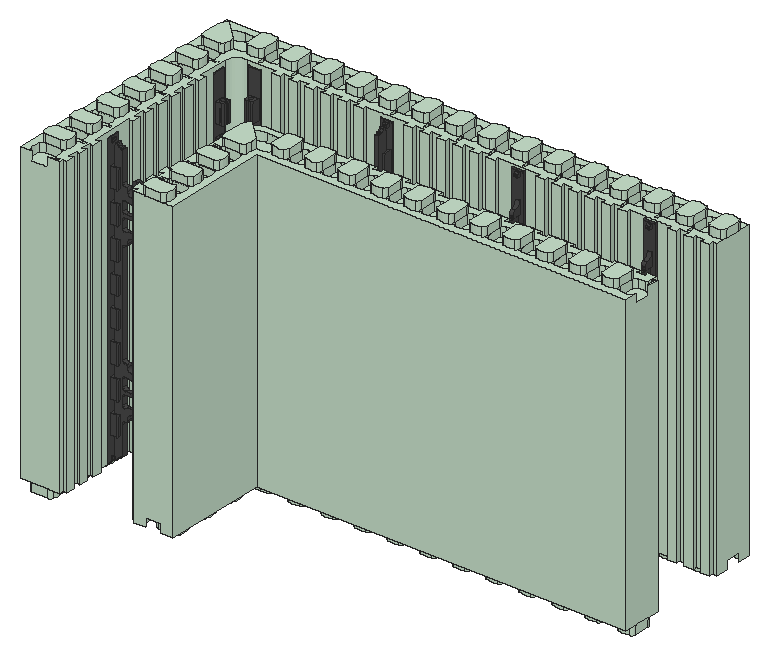
Revit family "ICF- NUDURA 4-inch- 90 Degree Form Unit- Imperial", category Generic Models, Revit 2011
Reference planes (in)
  plane 1 "Center (Front/Back)": y = 0
  plane 2: z = 0
  plane 3 "Center (Left/Right)": x = 0
  plane 4: y = -2
  plane 5: y = 2
  plane 6: x = 2
  plane 7: x = -2
  plane 8: z = 18
  plane 9: y = 4.625
  plane 10: x = 4.625
  plane 11: x = -4.625
  plane 12: y = -11
  plane 13: x = 27
  plane 14: y = -4.625
Forms (in)
  Extrusion 1, solid, material "NUDURA Expanded Polystyrene Foam Insulation"
    sketch origin (0, 0, 0) x (1, 0, 0) y (0, 1, 0)
      loop
        line (-4.625, 4.625) -> (-4.625, -11) -> (-2.25, -11) -> (-2.25, -10.71883) -> (-2, -10.78117) -> (-2, -10.21883) -> (-2.25, -10.28117) -> (-2.25, -9.71883) -> (-2, -9.78117) -> (-2, -9.21883) -> (-2.25, -9.28117) -> (-2.25, -8.71883) -> (-2, -8.78117) -> (-2, -8.21883) -> (-2.25, -8.28117) -> (-2.25, -5.71883) -> (-2, -5.78117) -> (-2, -5.21883) -> (-2.25, -5.28117) -> (-2.25, -4.71883) -> (-2, -4.78117) -> (-2, -4.21883) -> (-2.25, -4.28117) -> (-2.25, -3.71883) -> (-2, -3.78117) -> (-2, -3.21883) -> (-2.25, -3.28117) -> (-2.25, -2.71883) -> (-2, -2.78117) -> (-2, -2.21883) -> (-2.25, -2.28117) -> (-2.25, -1.71883) -> (-2, -1.78117) -> (-2, -1.21883) -> (-2.25, -1.28117) -> (-2.25, -0.71883) -> (-2, -0.78117) -> (-2, -0.21883) -> (-2.25, -0.28117) -> (-2.25, 1.51944)
        arc (-2.25, 1.51944) -> (-2.02357, 2.03725) -> (-1.5, 2.25) r 0.75
        line (-1.5, 2.25) -> (0.28117, 2.25) -> (0.21883, 2) -> (0.78117, 2) -> (0.71883, 2.25) -> (1.28117, 2.25) -> (1.21883, 2) -> (1.78117, 2) -> (1.71883, 2.25) -> (2.28117, 2.25) -> (2.21883, 2) -> (2.78117, 2) -> (2.71883, 2.25) -> (3.28117, 2.25) -> (3.21883, 2) -> (3.78117, 2) -> (3.71883, 2.25) -> (4.28117, 2.25) -> (4.21883, 2) -> (4.78117, 2) -> (4.71883, 2.25) -> (5.28117, 2.25) -> (5.21883, 2) -> (5.78117, 2) -> (5.71883, 2.25) -> (8.28117, 2.25) -> (8.21883, 2) -> (8.78117, 2) -> (8.71883, 2.25) -> (9.28117, 2.25) -> (9.21883, 2) -> (9.78117, 2) -> (9.71883, 2.25) -> (10.28117, 2.25) -> (10.21883, 2) -> (10.78117, 2) -> (10.71883, 2.25) -> (11.28117, 2.25) -> (11.21883, 2) -> (11.78117, 2) -> (11.71883, 2.25) -> (12.28117, 2.25) -> (12.21883, 2) -> (12.78117, 2) -> (12.71883, 2.25) -> (13.28117, 2.25) -> (13.21883, 2) -> (13.78117, 2) -> (13.71883, 2.25) -> (16.28117, 2.25) -> (16.21883, 2) -> (16.78117, 2) -> (16.71883, 2.25) -> (17.28117, 2.25) -> (17.21883, 2) -> (17.78117, 2) -> (17.71883, 2.25) -> (18.28117, 2.25) -> (18.21883, 2) -> (18.78117, 2) -> (18.71883, 2.25) -> (19.28117, 2.25) -> (19.21883, 2) -> (19.78117, 2) -> (19.71883, 2.25) -> (20.28117, 2.25) -> (20.21883, 2) -> (20.78117, 2) -> (20.71883, 2.25) -> (21.28117, 2.25) -> (21.21883, 2) -> (21.78117, 2) -> (21.71883, 2.25) -> (24.28117, 2.25) -> (24.21883, 2) -> (24.78117, 2) -> (24.71883, 2.25) -> (25.28117, 2.25) -> (25.21883, 2) -> (25.78117, 2) -> (25.71883, 2.25) -> (26.28117, 2.25) -> (26.21883, 2) -> (26.78117, 2) -> (26.71883, 2.25) -> (27, 2.25) -> (27, 4.625) -> (-4.625, 4.625)
      loop
        line (4.625, -4.625) -> (27, -4.625) -> (27, -2.25) -> (26.71883, -2.25) -> (26.78117, -2) -> (26.21883, -2) -> (26.28117, -2.25) -> (25.71883, -2.25) -> (25.78117, -2) -> (25.21883, -2) -> (25.28117, -2.25) -> (24.71883, -2.25) -> (24.78117, -2) -> (24.21883, -2) -> (24.28117, -2.25) -> (21.71883, -2.25) -> (21.78117, -2) -> (21.21883, -2) -> (21.28117, -2.25) -> (20.71883, -2.25) -> (20.78117, -2) -> (20.21883, -2) -> (20.28117, -2.25) -> (19.71883, -2.25) -> (19.78117, -2) -> (19.21883, -2) -> (19.28117, -2.25) -> (18.71883, -2.25) -> (18.78117, -2) -> (18.21883, -2) -> (18.28117, -2.25) -> (17.71883, -2.25) -> (17.78117, -2) -> (17.21883, -2) -> (17.28117, -2.25) -> (16.71883, -2.25) -> (16.78117, -2) -> (16.21883, -2) -> (16.28117, -2.25) -> (13.71883, -2.25) -> (13.78117, -2) -> (13.21883, -2) -> (13.28117, -2.25) -> (12.71883, -2.25) -> (12.78117, -2) -> (12.21883, -2) -> (12.28117, -2.25) -> (11.71883, -2.25) -> (11.78117, -2) -> (11.21883, -2) -> (11.28117, -2.25) -> (10.71883, -2.25) -> (10.78117, -2) -> (10.21883, -2) -> (10.28117, -2.25) -> (9.71883, -2.25) -> (9.78117, -2) -> (9.21883, -2) -> (9.28117, -2.25) -> (8.71883, -2.25) -> (8.78117, -2) -> (8.21883, -2) -> (8.28117, -2.25) -> (3.5, -2.25)
        arc (3.5, -2.25) -> (2.61612, -2.61612) -> (2.25, -3.5) r 1.25
        line (2.25, -3.5) -> (2.25, -8.28117) -> (2, -8.21883) -> (2, -8.78117) -> (2.25, -8.71883) -> (2.25, -9.28117) -> (2, -9.21883) -> (2, -9.78117) -> (2.25, -9.71883) -> (2.25, -10.28117) -> (2, -10.21883) -> (2, -10.78117) -> (2.25, -10.71883) -> (2.25, -11) -> (4.625, -11) -> (4.625, -4.625)
    from 0 to 18
  Extrusion 2, solid, material "NUDURA Expanded Polystyrene Foam Insulation"
    sketch origin (-1, 1, 0) x (1, 0, 0) y (0, 1, 0)
      loop
        arc (3.6875, -5.5) -> (3.70047, -5.66548) -> (3.73905, -5.82692) r 1.0625
        arc (3.73905, -5.82692) -> (3.82983, -5.95215) -> (3.97692, -6) r 0.25
        line (3.97692, -6) -> (4.89808, -6)
        arc (4.89808, -6) -> (5.04517, -5.95215) -> (5.13595, -5.82692) r 0.25
        arc (5.13595, -5.82692) -> (5.17453, -5.66548) -> (5.1875, -5.5) r 1.0625
        line (5.1875, -5.5) -> (5.1875, -5.1875) -> (3.98039, -3.98039)
        arc (3.98039, -3.98039) -> (3.76362, -4.30482) -> (3.6875, -4.6875) r 1
        line (3.6875, -4.6875) -> (3.6875, -5.5)
    from 18 to 18.5
  Extrusion 3, solid, material "NUDURA Expanded Polystyrene Foam Insulation"
    sketch origin (1, -1, 0) x (1, 0, 0) y (0, 1, 0)
      loop
        arc (-3.97692, 3) -> (-3.82983, 3.04785) -> (-3.73905, 3.17308) r 0.25
        arc (-3.73905, 3.17308) -> (-3.70047, 3.33452) -> (-3.6875, 3.5) r 1.0625
        line (-3.6875, 3.5) -> (-3.6875, 3.6875) -> (-4.89461, 4.89461)
        arc (-4.89461, 4.89461) -> (-5.11138, 4.57018) -> (-5.1875, 4.1875) r 1
        line (-5.1875, 4.1875) -> (-5.1875, 3.5)
        arc (-5.1875, 3.5) -> (-5.17453, 3.33452) -> (-5.13595, 3.17308) r 1.0625
        arc (-5.13595, 3.17308) -> (-5.04517, 3.04785) -> (-4.89808, 3) r 0.25
        line (-4.89808, 3) -> (-3.97692, 3)
    from 18 to 18.5
  Extrusion 4, void
    sketch origin (1, -1, 0) x (1, 0, 0) y (0, 1, 0)
      loop
        arc (-5.13595, -9.82692) -> (-5.04517, -9.95215) -> (-4.89808, -10) r 0.25
        line (-4.89808, -10) -> (-3.97692, -10)
        arc (-3.97692, -10) -> (-3.88568, -9.98276) -> (-3.80702, -9.9334) r 0.25
        arc (-3.80702, -9.9334) -> (-3.78736, -9.92106) -> (-3.76455, -9.91675) r 0.0625
        line (-3.76455, -9.91675) -> (-3.41845, -9.91675) -> (-3.41845, -9.74592) -> (-3.64005, -9.74592)
        arc (-3.64005, -9.74592) -> (-3.68771, -9.72385) -> (-3.70172, -9.67323) r 0.0625
        arc (-3.70172, -9.67323) -> (-3.69045, -9.42092) -> (-3.73905, -9.17308) r 1.0625
        arc (-3.73905, -9.17308) -> (-3.82983, -9.04785) -> (-3.97692, -9) r 0.25
        line (-3.97692, -9) -> (-4.89808, -9)
        arc (-4.89808, -9) -> (-5.04517, -9.04785) -> (-5.13595, -9.17308) r 0.25
        arc (-5.13595, -9.17308) -> (-5.1875, -9.5) -> (-5.13595, -9.82692) r 1.0625
    from 18 to 17.5
  Extrusion 5, void
    sketch origin (1, 1, 0) x (1, 0, 0) y (0, 1, 0)
      loop
        arc (-5.13595, -9.82692) -> (-5.04517, -9.95215) -> (-4.89808, -10) r 0.25
        line (-4.89808, -10) -> (-3.97692, -10)
        arc (-3.97692, -10) -> (-3.88568, -9.98276) -> (-3.80702, -9.9334) r 0.25
        arc (-3.80702, -9.9334) -> (-3.78736, -9.92106) -> (-3.76455, -9.91675) r 0.0625
        line (-3.76455, -9.91675) -> (-3.41845, -9.91675) -> (-3.41845, -9.74592) -> (-3.64005, -9.74592)
        arc (-3.64005, -9.74592) -> (-3.68771, -9.72385) -> (-3.70172, -9.67323) r 0.0625
        arc (-3.70172, -9.67323) -> (-3.69045, -9.42092) -> (-3.73905, -9.17308) r 1.0625
        arc (-3.73905, -9.17308) -> (-3.82983, -9.04785) -> (-3.97692, -9) r 0.25
        line (-3.97692, -9) -> (-4.89808, -9)
        arc (-4.89808, -9) -> (-5.04517, -9.04785) -> (-5.13595, -9.17308) r 0.25
        arc (-5.13595, -9.17308) -> (-5.1875, -9.5) -> (-5.13595, -9.82692) r 1.0625
    from 18 to 17.5
  Extrusion 6, void
    sketch origin (1, 3, 0) x (1, 0, 0) y (0, 1, 0)
      loop
        arc (-5.13595, -9.82692) -> (-5.04517, -9.95215) -> (-4.89808, -10) r 0.25
        line (-4.89808, -10) -> (-3.97692, -10)
        arc (-3.97692, -10) -> (-3.88568, -9.98276) -> (-3.80702, -9.9334) r 0.25
        arc (-3.80702, -9.9334) -> (-3.78736, -9.92106) -> (-3.76455, -9.91675) r 0.0625
        line (-3.76455, -9.91675) -> (-3.41845, -9.91675) -> (-3.41845, -9.74592) -> (-3.64005, -9.74592)
        arc (-3.64005, -9.74592) -> (-3.68771, -9.72385) -> (-3.70172, -9.67323) r 0.0625
        arc (-3.70172, -9.67323) -> (-3.69045, -9.42092) -> (-3.73905, -9.17308) r 1.0625
        arc (-3.73905, -9.17308) -> (-3.82983, -9.04785) -> (-3.97692, -9) r 0.25
        line (-3.97692, -9) -> (-4.89808, -9)
        arc (-4.89808, -9) -> (-5.04517, -9.04785) -> (-5.13595, -9.17308) r 0.25
        arc (-5.13595, -9.17308) -> (-5.1875, -9.5) -> (-5.13595, -9.82692) r 1.0625
    from 18 to 17.5
  Extrusion 7, void
    sketch origin (1, 5, 0) x (1, 0, 0) y (0, 1, 0)
      loop
        arc (-5.13595, -9.82692) -> (-5.04517, -9.95215) -> (-4.89808, -10) r 0.25
        line (-4.89808, -10) -> (-3.97692, -10)
        arc (-3.97692, -10) -> (-3.88568, -9.98276) -> (-3.80702, -9.9334) r 0.25
        arc (-3.80702, -9.9334) -> (-3.78736, -9.92106) -> (-3.76455, -9.91675) r 0.0625
        line (-3.76455, -9.91675) -> (-3.41845, -9.91675) -> (-3.41845, -9.74592) -> (-3.64005, -9.74592)
        arc (-3.64005, -9.74592) -> (-3.68771, -9.72385) -> (-3.70172, -9.67323) r 0.0625
        arc (-3.70172, -9.67323) -> (-3.69045, -9.42092) -> (-3.73905, -9.17308) r 1.0625
        arc (-3.73905, -9.17308) -> (-3.82983, -9.04785) -> (-3.97692, -9) r 0.25
        line (-3.97692, -9) -> (-4.89808, -9)
        arc (-4.89808, -9) -> (-5.04517, -9.04785) -> (-5.13595, -9.17308) r 0.25
        arc (-5.13595, -9.17308) -> (-5.1875, -9.5) -> (-5.13595, -9.82692) r 1.0625
    from 18 to 17.5
  Extrusion 8, void
    sketch origin (1, 7, 0) x (1, 0, 0) y (0, 1, 0)
      loop
        arc (-5.13595, -9.82692) -> (-5.04517, -9.95215) -> (-4.89808, -10) r 0.25
        line (-4.89808, -10) -> (-3.97692, -10)
        arc (-3.97692, -10) -> (-3.88568, -9.98276) -> (-3.80702, -9.9334) r 0.25
        arc (-3.80702, -9.9334) -> (-3.78736, -9.92106) -> (-3.76455, -9.91675) r 0.0625
        line (-3.76455, -9.91675) -> (-3.41845, -9.91675) -> (-3.41845, -9.74592) -> (-3.64005, -9.74592)
        arc (-3.64005, -9.74592) -> (-3.68771, -9.72385) -> (-3.70172, -9.67323) r 0.0625
        arc (-3.70172, -9.67323) -> (-3.69045, -9.42092) -> (-3.73905, -9.17308) r 1.0625
        arc (-3.73905, -9.17308) -> (-3.82983, -9.04785) -> (-3.97692, -9) r 0.25
        line (-3.97692, -9) -> (-4.89808, -9)
        arc (-4.89808, -9) -> (-5.04517, -9.04785) -> (-5.13595, -9.17308) r 0.25
        arc (-5.13595, -9.17308) -> (-5.1875, -9.5) -> (-5.13595, -9.82692) r 1.0625
    from 18 to 17.5
  Extrusion 9, void
    sketch origin (1, 9, 0) x (1, 0, 0) y (0, 1, 0)
      loop
        arc (-5.13595, -9.82692) -> (-5.04517, -9.95215) -> (-4.89808, -10) r 0.25
        line (-4.89808, -10) -> (-3.97692, -10)
        arc (-3.97692, -10) -> (-3.88568, -9.98276) -> (-3.80702, -9.9334) r 0.25
        arc (-3.80702, -9.9334) -> (-3.78736, -9.92106) -> (-3.76455, -9.91675) r 0.0625
        line (-3.76455, -9.91675) -> (-3.41845, -9.91675) -> (-3.41845, -9.74592) -> (-3.64005, -9.74592)
        arc (-3.64005, -9.74592) -> (-3.68771, -9.72385) -> (-3.70172, -9.67323) r 0.0625
        arc (-3.70172, -9.67323) -> (-3.69045, -9.42092) -> (-3.73905, -9.17308) r 1.0625
        arc (-3.73905, -9.17308) -> (-3.82983, -9.04785) -> (-3.97692, -9) r 0.25
        line (-3.97692, -9) -> (-4.89808, -9)
        arc (-4.89808, -9) -> (-5.04517, -9.04785) -> (-5.13595, -9.17308) r 0.25
        arc (-5.13595, -9.17308) -> (-5.1875, -9.5) -> (-5.13595, -9.82692) r 1.0625
    from 18 to 17.5
  Extrusion 10, void
    sketch origin (1, 11, 0) x (1, 0, 0) y (0, 1, 0)
      loop
        arc (-5.13595, -9.82692) -> (-5.04517, -9.95215) -> (-4.89808, -10) r 0.25
        line (-4.89808, -10) -> (-3.97692, -10)
        arc (-3.97692, -10) -> (-3.88568, -9.98276) -> (-3.80702, -9.9334) r 0.25
        arc (-3.80702, -9.9334) -> (-3.78736, -9.92106) -> (-3.76455, -9.91675) r 0.0625
        line (-3.76455, -9.91675) -> (-3.41845, -9.91675) -> (-3.41845, -9.74592) -> (-3.64005, -9.74592)
        arc (-3.64005, -9.74592) -> (-3.68771, -9.72385) -> (-3.70172, -9.67323) r 0.0625
        arc (-3.70172, -9.67323) -> (-3.69045, -9.42092) -> (-3.73905, -9.17308) r 1.0625
        arc (-3.73905, -9.17308) -> (-3.82983, -9.04785) -> (-3.97692, -9) r 0.25
        line (-3.97692, -9) -> (-4.89808, -9)
        arc (-4.89808, -9) -> (-5.04517, -9.04785) -> (-5.13595, -9.17308) r 0.25
        arc (-5.13595, -9.17308) -> (-5.1875, -9.5) -> (-5.13595, -9.82692) r 1.0625
    from 18 to 17.5
  Extrusion 11, void
    sketch origin (-1, 1, 0) x (1, 0, 0) y (0, 1, 0)
      loop
        line (3.97692, -9) -> (4.89808, -9)
        arc (4.89808, -9) -> (5.04517, -8.95215) -> (5.13595, -8.82692) r 0.25
        arc (5.13595, -8.82692) -> (5.1875, -8.5) -> (5.13595, -8.17308) r 1.0625
        arc (5.13595, -8.17308) -> (5.04517, -8.04785) -> (4.89808, -8) r 0.25
        line (4.89808, -8) -> (3.97692, -8)
        arc (3.97692, -8) -> (3.88568, -8.01724) -> (3.80702, -8.0666) r 0.25
        arc (3.80702, -8.0666) -> (3.78736, -8.07894) -> (3.76455, -8.08325) r 0.0625
        line (3.76455, -8.08325) -> (3.41845, -8.08325) -> (3.41845, -8.25408) -> (3.64005, -8.25408)
        arc (3.64005, -8.25408) -> (3.68771, -8.27615) -> (3.70172, -8.32677) r 0.0625
        arc (3.70172, -8.32677) -> (3.69045, -8.57908) -> (3.73905, -8.82692) r 1.0625
        arc (3.73905, -8.82692) -> (3.82983, -8.95215) -> (3.97692, -9) r 0.25
    from 18 to 17.5
  Extrusion 12, void
    sketch origin (-1, 3, 0) x (1, 0, 0) y (0, 1, 0)
      loop
        line (3.97692, -9) -> (4.89808, -9)
        arc (4.89808, -9) -> (5.04517, -8.95215) -> (5.13595, -8.82692) r 0.25
        arc (5.13595, -8.82692) -> (5.1875, -8.5) -> (5.13595, -8.17308) r 1.0625
        arc (5.13595, -8.17308) -> (5.04517, -8.04785) -> (4.89808, -8) r 0.25
        line (4.89808, -8) -> (3.97692, -8)
        arc (3.97692, -8) -> (3.88568, -8.01724) -> (3.80702, -8.0666) r 0.25
        arc (3.80702, -8.0666) -> (3.78736, -8.07894) -> (3.76455, -8.08325) r 0.0625
        line (3.76455, -8.08325) -> (3.41845, -8.08325) -> (3.41845, -8.25408) -> (3.64005, -8.25408)
        arc (3.64005, -8.25408) -> (3.68771, -8.27615) -> (3.70172, -8.32677) r 0.0625
        arc (3.70172, -8.32677) -> (3.69045, -8.57908) -> (3.73905, -8.82692) r 1.0625
        arc (3.73905, -8.82692) -> (3.82983, -8.95215) -> (3.97692, -9) r 0.25
    from 18 to 17.5
  Extrusion 13, void
    sketch origin (1, -1, 0) x (1, 0, 0) y (0, 1, 0)
      loop
        arc (-4.1875, 5.1875) -> (-4.57018, 5.11138) -> (-4.89461, 4.89461) r 1
        line (-4.89461, 4.89461) -> (-3.6875, 3.6875) -> (-3.5, 3.6875)
        arc (-3.5, 3.6875) -> (-3.33452, 3.70047) -> (-3.17308, 3.73905) r 1.0625
        arc (-3.17308, 3.73905) -> (-3.04785, 3.82983) -> (-3, 3.97692) r 0.25
        line (-3, 3.97692) -> (-3, 4.89808)
        arc (-3, 4.89808) -> (-3.04785, 5.04517) -> (-3.17308, 5.13595) r 0.25
        arc (-3.17308, 5.13595) -> (-3.33452, 5.17453) -> (-3.5, 5.1875) r 1.0625
        line (-3.5, 5.1875) -> (-4.1875, 5.1875)
    from 18 to 17.5
  Extrusion 14, void
    sketch origin (-1, 1, 0) x (1, 0, 0) y (0, 1, 0)
      loop
        arc (4.6875, -3.6875) -> (4.30482, -3.76362) -> (3.98039, -3.98039) r 1
        line (3.98039, -3.98039) -> (5.1875, -5.1875) -> (5.5, -5.1875)
        arc (5.5, -5.1875) -> (5.66548, -5.17453) -> (5.82692, -5.13595) r 1.0625
        arc (5.82692, -5.13595) -> (5.95215, -5.04517) -> (6, -4.89808) r 0.25
        line (6, -4.89808) -> (6, -3.97692)
        arc (6, -3.97692) -> (5.98276, -3.88568) -> (5.9334, -3.80702) r 0.25
        arc (5.9334, -3.80702) -> (5.92106, -3.78736) -> (5.91675, -3.76455) r 0.0625
        line (5.91675, -3.76455) -> (5.91675, -3.41845) -> (5.74592, -3.41845) -> (5.74592, -3.64005)
        arc (5.74592, -3.64005) -> (5.72385, -3.68771) -> (5.67323, -3.70172) r 0.0625
        arc (5.67323, -3.70172) -> (5.58691, -3.69106) -> (5.5, -3.6875) r 1.0625
        line (5.5, -3.6875) -> (4.6875, -3.6875)
    from 18 to 17.5
  Extrusion 15, void
    sketch origin (-1, 1, 0) x (1, 0, 0) y (0, 1, 0)
      loop
        line (7, -3.97692) -> (7, -4.89808)
        arc (7, -4.89808) -> (7.04785, -5.04517) -> (7.17308, -5.13595) r 0.25
        arc (7.17308, -5.13595) -> (7.5, -5.1875) -> (7.82692, -5.13595) r 1.0625
        arc (7.82692, -5.13595) -> (7.95215, -5.04517) -> (8, -4.89808) r 0.25
        line (8, -4.89808) -> (8, -3.97692)
        arc (8, -3.97692) -> (7.98276, -3.88568) -> (7.9334, -3.80702) r 0.25
        arc (7.9334, -3.80702) -> (7.92106, -3.78736) -> (7.91675, -3.76455) r 0.0625
        line (7.91675, -3.76455) -> (7.91675, -3.41845) -> (7.74592, -3.41845) -> (7.74592, -3.64005)
        arc (7.74592, -3.64005) -> (7.72385, -3.68771) -> (7.67323, -3.70172) r 0.0625
        arc (7.67323, -3.70172) -> (7.42092, -3.69045) -> (7.17308, -3.73905) r 1.0625
        arc (7.17308, -3.73905) -> (7.04785, -3.82983) -> (7, -3.97692) r 0.25
    from 18 to 17.5
  Extrusion 16, void
    sketch origin (1, 1, 0) x (1, 0, 0) y (0, 1, 0)
      loop
        line (7, -3.97692) -> (7, -4.89808)
        arc (7, -4.89808) -> (7.04785, -5.04517) -> (7.17308, -5.13595) r 0.25
        arc (7.17308, -5.13595) -> (7.5, -5.1875) -> (7.82692, -5.13595) r 1.0625
        arc (7.82692, -5.13595) -> (7.95215, -5.04517) -> (8, -4.89808) r 0.25
        line (8, -4.89808) -> (8, -3.97692)
        arc (8, -3.97692) -> (7.98276, -3.88568) -> (7.9334, -3.80702) r 0.25
        arc (7.9334, -3.80702) -> (7.92106, -3.78736) -> (7.91675, -3.76455) r 0.0625
        line (7.91675, -3.76455) -> (7.91675, -3.41845) -> (7.74592, -3.41845) -> (7.74592, -3.64005)
        arc (7.74592, -3.64005) -> (7.72385, -3.68771) -> (7.67323, -3.70172) r 0.0625
        arc (7.67323, -3.70172) -> (7.42092, -3.69045) -> (7.17308, -3.73905) r 1.0625
        arc (7.17308, -3.73905) -> (7.04785, -3.82983) -> (7, -3.97692) r 0.25
    from 18 to 17.5
  Extrusion 17, void
    sketch origin (3, 1, 0) x (1, 0, 0) y (0, 1, 0)
      loop
        line (7, -3.97692) -> (7, -4.89808)
        arc (7, -4.89808) -> (7.04785, -5.04517) -> (7.17308, -5.13595) r 0.25
        arc (7.17308, -5.13595) -> (7.5, -5.1875) -> (7.82692, -5.13595) r 1.0625
        arc (7.82692, -5.13595) -> (7.95215, -5.04517) -> (8, -4.89808) r 0.25
        line (8, -4.89808) -> (8, -3.97692)
        arc (8, -3.97692) -> (7.98276, -3.88568) -> (7.9334, -3.80702) r 0.25
        arc (7.9334, -3.80702) -> (7.92106, -3.78736) -> (7.91675, -3.76455) r 0.0625
        line (7.91675, -3.76455) -> (7.91675, -3.41845) -> (7.74592, -3.41845) -> (7.74592, -3.64005)
        arc (7.74592, -3.64005) -> (7.72385, -3.68771) -> (7.67323, -3.70172) r 0.0625
        arc (7.67323, -3.70172) -> (7.42092, -3.69045) -> (7.17308, -3.73905) r 1.0625
        arc (7.17308, -3.73905) -> (7.04785, -3.82983) -> (7, -3.97692) r 0.25
    from 18 to 17.5
  Extrusion 18, void
    sketch origin (5, 1, 0) x (1, 0, 0) y (0, 1, 0)
      loop
        line (7, -3.97692) -> (7, -4.89808)
        arc (7, -4.89808) -> (7.04785, -5.04517) -> (7.17308, -5.13595) r 0.25
        arc (7.17308, -5.13595) -> (7.5, -5.1875) -> (7.82692, -5.13595) r 1.0625
        arc (7.82692, -5.13595) -> (7.95215, -5.04517) -> (8, -4.89808) r 0.25
        line (8, -4.89808) -> (8, -3.97692)
        arc (8, -3.97692) -> (7.98276, -3.88568) -> (7.9334, -3.80702) r 0.25
        arc (7.9334, -3.80702) -> (7.92106, -3.78736) -> (7.91675, -3.76455) r 0.0625
        line (7.91675, -3.76455) -> (7.91675, -3.41845) -> (7.74592, -3.41845) -> (7.74592, -3.64005)
        arc (7.74592, -3.64005) -> (7.72385, -3.68771) -> (7.67323, -3.70172) r 0.0625
        arc (7.67323, -3.70172) -> (7.42092, -3.69045) -> (7.17308, -3.73905) r 1.0625
        arc (7.17308, -3.73905) -> (7.04785, -3.82983) -> (7, -3.97692) r 0.25
    from 18 to 17.5
  Extrusion 19, void
    sketch origin (7, 1, 0) x (1, 0, 0) y (0, 1, 0)
      loop
        line (7, -3.97692) -> (7, -4.89808)
        arc (7, -4.89808) -> (7.04785, -5.04517) -> (7.17308, -5.13595) r 0.25
        arc (7.17308, -5.13595) -> (7.5, -5.1875) -> (7.82692, -5.13595) r 1.0625
        arc (7.82692, -5.13595) -> (7.95215, -5.04517) -> (8, -4.89808) r 0.25
        line (8, -4.89808) -> (8, -3.97692)
        arc (8, -3.97692) -> (7.98276, -3.88568) -> (7.9334, -3.80702) r 0.25
        arc (7.9334, -3.80702) -> (7.92106, -3.78736) -> (7.91675, -3.76455) r 0.0625
        line (7.91675, -3.76455) -> (7.91675, -3.41845) -> (7.74592, -3.41845) -> (7.74592, -3.64005)
        arc (7.74592, -3.64005) -> (7.72385, -3.68771) -> (7.67323, -3.70172) r 0.0625
        arc (7.67323, -3.70172) -> (7.42092, -3.69045) -> (7.17308, -3.73905) r 1.0625
        arc (7.17308, -3.73905) -> (7.04785, -3.82983) -> (7, -3.97692) r 0.25
    from 18 to 17.5
  Extrusion 20, void
    sketch origin (9, 1, 0) x (1, 0, 0) y (0, 1, 0)
      loop
        line (7, -3.97692) -> (7, -4.89808)
        arc (7, -4.89808) -> (7.04785, -5.04517) -> (7.17308, -5.13595) r 0.25
        arc (7.17308, -5.13595) -> (7.5, -5.1875) -> (7.82692, -5.13595) r 1.0625
        arc (7.82692, -5.13595) -> (7.95215, -5.04517) -> (8, -4.89808) r 0.25
        line (8, -4.89808) -> (8, -3.97692)
        arc (8, -3.97692) -> (7.98276, -3.88568) -> (7.9334, -3.80702) r 0.25
        arc (7.9334, -3.80702) -> (7.92106, -3.78736) -> (7.91675, -3.76455) r 0.0625
        line (7.91675, -3.76455) -> (7.91675, -3.41845) -> (7.74592, -3.41845) -> (7.74592, -3.64005)
        arc (7.74592, -3.64005) -> (7.72385, -3.68771) -> (7.67323, -3.70172) r 0.0625
        arc (7.67323, -3.70172) -> (7.42092, -3.69045) -> (7.17308, -3.73905) r 1.0625
        arc (7.17308, -3.73905) -> (7.04785, -3.82983) -> (7, -3.97692) r 0.25
    from 18 to 17.5
  Extrusion 21, void
    sketch origin (11, 1, 0) x (1, 0, 0) y (0, 1, 0)
      loop
        line (7, -3.97692) -> (7, -4.89808)
        arc (7, -4.89808) -> (7.04785, -5.04517) -> (7.17308, -5.13595) r 0.25
        arc (7.17308, -5.13595) -> (7.5, -5.1875) -> (7.82692, -5.13595) r 1.0625
        arc (7.82692, -5.13595) -> (7.95215, -5.04517) -> (8, -4.89808) r 0.25
        line (8, -4.89808) -> (8, -3.97692)
        arc (8, -3.97692) -> (7.98276, -3.88568) -> (7.9334, -3.80702) r 0.25
        arc (7.9334, -3.80702) -> (7.92106, -3.78736) -> (7.91675, -3.76455) r 0.0625
        line (7.91675, -3.76455) -> (7.91675, -3.41845) -> (7.74592, -3.41845) -> (7.74592, -3.64005)
        arc (7.74592, -3.64005) -> (7.72385, -3.68771) -> (7.67323, -3.70172) r 0.0625
        arc (7.67323, -3.70172) -> (7.42092, -3.69045) -> (7.17308, -3.73905) r 1.0625
        arc (7.17308, -3.73905) -> (7.04785, -3.82983) -> (7, -3.97692) r 0.25
    from 18 to 17.5
  Extrusion 22, void
    sketch origin (13, 1, 0) x (1, 0, 0) y (0, 1, 0)
      loop
        line (7, -3.97692) -> (7, -4.89808)
        arc (7, -4.89808) -> (7.04785, -5.04517) -> (7.17308, -5.13595) r 0.25
        arc (7.17308, -5.13595) -> (7.5, -5.1875) -> (7.82692, -5.13595) r 1.0625
        arc (7.82692, -5.13595) -> (7.95215, -5.04517) -> (8, -4.89808) r 0.25
        line (8, -4.89808) -> (8, -3.97692)
        arc (8, -3.97692) -> (7.98276, -3.88568) -> (7.9334, -3.80702) r 0.25
        arc (7.9334, -3.80702) -> (7.92106, -3.78736) -> (7.91675, -3.76455) r 0.0625
        line (7.91675, -3.76455) -> (7.91675, -3.41845) -> (7.74592, -3.41845) -> (7.74592, -3.64005)
        arc (7.74592, -3.64005) -> (7.72385, -3.68771) -> (7.67323, -3.70172) r 0.0625
        arc (7.67323, -3.70172) -> (7.42092, -3.69045) -> (7.17308, -3.73905) r 1.0625
        arc (7.17308, -3.73905) -> (7.04785, -3.82983) -> (7, -3.97692) r 0.25
    from 18 to 17.5
  Extrusion 23, void
    sketch origin (15, 1, 0) x (1, 0, 0) y (0, 1, 0)
      loop
        line (7, -3.97692) -> (7, -4.89808)
        arc (7, -4.89808) -> (7.04785, -5.04517) -> (7.17308, -5.13595) r 0.25
        arc (7.17308, -5.13595) -> (7.5, -5.1875) -> (7.82692, -5.13595) r 1.0625
        arc (7.82692, -5.13595) -> (7.95215, -5.04517) -> (8, -4.89808) r 0.25
        line (8, -4.89808) -> (8, -3.97692)
        arc (8, -3.97692) -> (7.98276, -3.88568) -> (7.9334, -3.80702) r 0.25
        arc (7.9334, -3.80702) -> (7.92106, -3.78736) -> (7.91675, -3.76455) r 0.0625
        line (7.91675, -3.76455) -> (7.91675, -3.41845) -> (7.74592, -3.41845) -> (7.74592, -3.64005)
        arc (7.74592, -3.64005) -> (7.72385, -3.68771) -> (7.67323, -3.70172) r 0.0625
        arc (7.67323, -3.70172) -> (7.42092, -3.69045) -> (7.17308, -3.73905) r 1.0625
        arc (7.17308, -3.73905) -> (7.04785, -3.82983) -> (7, -3.97692) r 0.25
    from 18 to 17.5
  Extrusion 24, void
    sketch origin (17, 1, 0) x (1, 0, 0) y (0, 1, 0)
      loop
        line (7, -3.97692) -> (7, -4.89808)
        arc (7, -4.89808) -> (7.04785, -5.04517) -> (7.17308, -5.13595) r 0.25
        arc (7.17308, -5.13595) -> (7.5, -5.1875) -> (7.82692, -5.13595) r 1.0625
        arc (7.82692, -5.13595) -> (7.95215, -5.04517) -> (8, -4.89808) r 0.25
        line (8, -4.89808) -> (8, -3.97692)
        arc (8, -3.97692) -> (7.98276, -3.88568) -> (7.9334, -3.80702) r 0.25
        arc (7.9334, -3.80702) -> (7.92106, -3.78736) -> (7.91675, -3.76455) r 0.0625
        line (7.91675, -3.76455) -> (7.91675, -3.41845) -> (7.74592, -3.41845) -> (7.74592, -3.64005)
        arc (7.74592, -3.64005) -> (7.72385, -3.68771) -> (7.67323, -3.70172) r 0.0625
        arc (7.67323, -3.70172) -> (7.42092, -3.69045) -> (7.17308, -3.73905) r 1.0625
        arc (7.17308, -3.73905) -> (7.04785, -3.82983) -> (7, -3.97692) r 0.25
    from 18 to 17.5
  Extrusion 25, void
    sketch origin (1, -1, 0) x (1, 0, 0) y (0, 1, 0)
      loop
        arc (-1.82692, 5.13595) -> (-1.95215, 5.04517) -> (-2, 4.89808) r 0.25
        line (-2, 4.89808) -> (-2, 3.97692)
        arc (-2, 3.97692) -> (-1.98276, 3.88568) -> (-1.9334, 3.80702) r 0.25
        arc (-1.9334, 3.80702) -> (-1.92106, 3.78736) -> (-1.91675, 3.76455) r 0.0625
        line (-1.91675, 3.76455) -> (-1.91675, 3.41845) -> (-1.74592, 3.41845) -> (-1.74592, 3.64005)
        arc (-1.74592, 3.64005) -> (-1.72385, 3.68771) -> (-1.67323, 3.70172) r 0.0625
        arc (-1.67323, 3.70172) -> (-1.42092, 3.69045) -> (-1.17308, 3.73905) r 1.0625
        arc (-1.17308, 3.73905) -> (-1.04785, 3.82983) -> (-1, 3.97692) r 0.25
        line (-1, 3.97692) -> (-1, 4.89808)
        arc (-1, 4.89808) -> (-1.04785, 5.04517) -> (-1.17308, 5.13595) r 0.25
        arc (-1.17308, 5.13595) -> (-1.5, 5.1875) -> (-1.82692, 5.13595) r 1.0625
    from 18 to 17.5
  Extrusion 26, void
    sketch origin (3, -1, 0) x (1, 0, 0) y (0, 1, 0)
      loop
        arc (-1.82692, 5.13595) -> (-1.95215, 5.04517) -> (-2, 4.89808) r 0.25
        line (-2, 4.89808) -> (-2, 3.97692)
        arc (-2, 3.97692) -> (-1.98276, 3.88568) -> (-1.9334, 3.80702) r 0.25
        arc (-1.9334, 3.80702) -> (-1.92106, 3.78736) -> (-1.91675, 3.76455) r 0.0625
        line (-1.91675, 3.76455) -> (-1.91675, 3.41845) -> (-1.74592, 3.41845) -> (-1.74592, 3.64005)
        arc (-1.74592, 3.64005) -> (-1.72385, 3.68771) -> (-1.67323, 3.70172) r 0.0625
        arc (-1.67323, 3.70172) -> (-1.42092, 3.69045) -> (-1.17308, 3.73905) r 1.0625
        arc (-1.17308, 3.73905) -> (-1.04785, 3.82983) -> (-1, 3.97692) r 0.25
        line (-1, 3.97692) -> (-1, 4.89808)
        arc (-1, 4.89808) -> (-1.04785, 5.04517) -> (-1.17308, 5.13595) r 0.25
        arc (-1.17308, 5.13595) -> (-1.5, 5.1875) -> (-1.82692, 5.13595) r 1.0625
    from 18 to 17.5
  Extrusion 27, void
    sketch origin (5, -1, 0) x (1, 0, 0) y (0, 1, 0)
      loop
        arc (-1.82692, 5.13595) -> (-1.95215, 5.04517) -> (-2, 4.89808) r 0.25
        line (-2, 4.89808) -> (-2, 3.97692)
        arc (-2, 3.97692) -> (-1.98276, 3.88568) -> (-1.9334, 3.80702) r 0.25
        arc (-1.9334, 3.80702) -> (-1.92106, 3.78736) -> (-1.91675, 3.76455) r 0.0625
        line (-1.91675, 3.76455) -> (-1.91675, 3.41845) -> (-1.74592, 3.41845) -> (-1.74592, 3.64005)
        arc (-1.74592, 3.64005) -> (-1.72385, 3.68771) -> (-1.67323, 3.70172) r 0.0625
        arc (-1.67323, 3.70172) -> (-1.42092, 3.69045) -> (-1.17308, 3.73905) r 1.0625
        arc (-1.17308, 3.73905) -> (-1.04785, 3.82983) -> (-1, 3.97692) r 0.25
        line (-1, 3.97692) -> (-1, 4.89808)
        arc (-1, 4.89808) -> (-1.04785, 5.04517) -> (-1.17308, 5.13595) r 0.25
        arc (-1.17308, 5.13595) -> (-1.5, 5.1875) -> (-1.82692, 5.13595) r 1.0625
    from 18 to 17.5
  Extrusion 28, void
    sketch origin (7, -1, 0) x (1, 0, 0) y (0, 1, 0)
      loop
        arc (-1.82692, 5.13595) -> (-1.95215, 5.04517) -> (-2, 4.89808) r 0.25
        line (-2, 4.89808) -> (-2, 3.97692)
        arc (-2, 3.97692) -> (-1.98276, 3.88568) -> (-1.9334, 3.80702) r 0.25
        arc (-1.9334, 3.80702) -> (-1.92106, 3.78736) -> (-1.91675, 3.76455) r 0.0625
        line (-1.91675, 3.76455) -> (-1.91675, 3.41845) -> (-1.74592, 3.41845) -> (-1.74592, 3.64005)
        arc (-1.74592, 3.64005) -> (-1.72385, 3.68771) -> (-1.67323, 3.70172) r 0.0625
        arc (-1.67323, 3.70172) -> (-1.42092, 3.69045) -> (-1.17308, 3.73905) r 1.0625
        arc (-1.17308, 3.73905) -> (-1.04785, 3.82983) -> (-1, 3.97692) r 0.25
        line (-1, 3.97692) -> (-1, 4.89808)
        arc (-1, 4.89808) -> (-1.04785, 5.04517) -> (-1.17308, 5.13595) r 0.25
        arc (-1.17308, 5.13595) -> (-1.5, 5.1875) -> (-1.82692, 5.13595) r 1.0625
    from 18 to 17.5
  Extrusion 29, void
    sketch origin (9, -1, 0) x (1, 0, 0) y (0, 1, 0)
      loop
        arc (-1.82692, 5.13595) -> (-1.95215, 5.04517) -> (-2, 4.89808) r 0.25
        line (-2, 4.89808) -> (-2, 3.97692)
        arc (-2, 3.97692) -> (-1.98276, 3.88568) -> (-1.9334, 3.80702) r 0.25
        arc (-1.9334, 3.80702) -> (-1.92106, 3.78736) -> (-1.91675, 3.76455) r 0.0625
        line (-1.91675, 3.76455) -> (-1.91675, 3.41845) -> (-1.74592, 3.41845) -> (-1.74592, 3.64005)
        arc (-1.74592, 3.64005) -> (-1.72385, 3.68771) -> (-1.67323, 3.70172) r 0.0625
        arc (-1.67323, 3.70172) -> (-1.42092, 3.69045) -> (-1.17308, 3.73905) r 1.0625
        arc (-1.17308, 3.73905) -> (-1.04785, 3.82983) -> (-1, 3.97692) r 0.25
        line (-1, 3.97692) -> (-1, 4.89808)
        arc (-1, 4.89808) -> (-1.04785, 5.04517) -> (-1.17308, 5.13595) r 0.25
        arc (-1.17308, 5.13595) -> (-1.5, 5.1875) -> (-1.82692, 5.13595) r 1.0625
    from 18 to 17.5
  Extrusion 30, void
    sketch origin (11, -1, 0) x (1, 0, 0) y (0, 1, 0)
      loop
        arc (-1.82692, 5.13595) -> (-1.95215, 5.04517) -> (-2, 4.89808) r 0.25
        line (-2, 4.89808) -> (-2, 3.97692)
        arc (-2, 3.97692) -> (-1.98276, 3.88568) -> (-1.9334, 3.80702) r 0.25
        arc (-1.9334, 3.80702) -> (-1.92106, 3.78736) -> (-1.91675, 3.76455) r 0.0625
        line (-1.91675, 3.76455) -> (-1.91675, 3.41845) -> (-1.74592, 3.41845) -> (-1.74592, 3.64005)
        arc (-1.74592, 3.64005) -> (-1.72385, 3.68771) -> (-1.67323, 3.70172) r 0.0625
        arc (-1.67323, 3.70172) -> (-1.42092, 3.69045) -> (-1.17308, 3.73905) r 1.0625
        arc (-1.17308, 3.73905) -> (-1.04785, 3.82983) -> (-1, 3.97692) r 0.25
        line (-1, 3.97692) -> (-1, 4.89808)
        arc (-1, 4.89808) -> (-1.04785, 5.04517) -> (-1.17308, 5.13595) r 0.25
        arc (-1.17308, 5.13595) -> (-1.5, 5.1875) -> (-1.82692, 5.13595) r 1.0625
    from 18 to 17.5
  Extrusion 31, void
    sketch origin (13, -1, 0) x (1, 0, 0) y (0, 1, 0)
      loop
        arc (-1.82692, 5.13595) -> (-1.95215, 5.04517) -> (-2, 4.89808) r 0.25
        line (-2, 4.89808) -> (-2, 3.97692)
        arc (-2, 3.97692) -> (-1.98276, 3.88568) -> (-1.9334, 3.80702) r 0.25
        arc (-1.9334, 3.80702) -> (-1.92106, 3.78736) -> (-1.91675, 3.76455) r 0.0625
        line (-1.91675, 3.76455) -> (-1.91675, 3.41845) -> (-1.74592, 3.41845) -> (-1.74592, 3.64005)
        arc (-1.74592, 3.64005) -> (-1.72385, 3.68771) -> (-1.67323, 3.70172) r 0.0625
        arc (-1.67323, 3.70172) -> (-1.42092, 3.69045) -> (-1.17308, 3.73905) r 1.0625
        arc (-1.17308, 3.73905) -> (-1.04785, 3.82983) -> (-1, 3.97692) r 0.25
        line (-1, 3.97692) -> (-1, 4.89808)
        arc (-1, 4.89808) -> (-1.04785, 5.04517) -> (-1.17308, 5.13595) r 0.25
        arc (-1.17308, 5.13595) -> (-1.5, 5.1875) -> (-1.82692, 5.13595) r 1.0625
    from 18 to 17.5
  Extrusion 32, void
    sketch origin (15, -1, 0) x (1, 0, 0) y (0, 1, 0)
      loop
        arc (-1.82692, 5.13595) -> (-1.95215, 5.04517) -> (-2, 4.89808) r 0.25
        line (-2, 4.89808) -> (-2, 3.97692)
        arc (-2, 3.97692) -> (-1.98276, 3.88568) -> (-1.9334, 3.80702) r 0.25
        arc (-1.9334, 3.80702) -> (-1.92106, 3.78736) -> (-1.91675, 3.76455) r 0.0625
        line (-1.91675, 3.76455) -> (-1.91675, 3.41845) -> (-1.74592, 3.41845) -> (-1.74592, 3.64005)
        arc (-1.74592, 3.64005) -> (-1.72385, 3.68771) -> (-1.67323, 3.70172) r 0.0625
        arc (-1.67323, 3.70172) -> (-1.42092, 3.69045) -> (-1.17308, 3.73905) r 1.0625
        arc (-1.17308, 3.73905) -> (-1.04785, 3.82983) -> (-1, 3.97692) r 0.25
        line (-1, 3.97692) -> (-1, 4.89808)
        arc (-1, 4.89808) -> (-1.04785, 5.04517) -> (-1.17308, 5.13595) r 0.25
        arc (-1.17308, 5.13595) -> (-1.5, 5.1875) -> (-1.82692, 5.13595) r 1.0625
    from 18 to 17.5
  Extrusion 33, void
    sketch origin (17, -1, 0) x (1, 0, 0) y (0, 1, 0)
      loop
        arc (-1.82692, 5.13595) -> (-1.95215, 5.04517) -> (-2, 4.89808) r 0.25
        line (-2, 4.89808) -> (-2, 3.97692)
        arc (-2, 3.97692) -> (-1.98276, 3.88568) -> (-1.9334, 3.80702) r 0.25
        arc (-1.9334, 3.80702) -> (-1.92106, 3.78736) -> (-1.91675, 3.76455) r 0.0625
        line (-1.91675, 3.76455) -> (-1.91675, 3.41845) -> (-1.74592, 3.41845) -> (-1.74592, 3.64005)
        arc (-1.74592, 3.64005) -> (-1.72385, 3.68771) -> (-1.67323, 3.70172) r 0.0625
        arc (-1.67323, 3.70172) -> (-1.42092, 3.69045) -> (-1.17308, 3.73905) r 1.0625
        arc (-1.17308, 3.73905) -> (-1.04785, 3.82983) -> (-1, 3.97692) r 0.25
        line (-1, 3.97692) -> (-1, 4.89808)
        arc (-1, 4.89808) -> (-1.04785, 5.04517) -> (-1.17308, 5.13595) r 0.25
        arc (-1.17308, 5.13595) -> (-1.5, 5.1875) -> (-1.82692, 5.13595) r 1.0625
    from 18 to 17.5
  Extrusion 34, void
    sketch origin (19, -1, 0) x (1, 0, 0) y (0, 1, 0)
      loop
        arc (-1.82692, 5.13595) -> (-1.95215, 5.04517) -> (-2, 4.89808) r 0.25
        line (-2, 4.89808) -> (-2, 3.97692)
        arc (-2, 3.97692) -> (-1.98276, 3.88568) -> (-1.9334, 3.80702) r 0.25
        arc (-1.9334, 3.80702) -> (-1.92106, 3.78736) -> (-1.91675, 3.76455) r 0.0625
        line (-1.91675, 3.76455) -> (-1.91675, 3.41845) -> (-1.74592, 3.41845) -> (-1.74592, 3.64005)
        arc (-1.74592, 3.64005) -> (-1.72385, 3.68771) -> (-1.67323, 3.70172) r 0.0625
        arc (-1.67323, 3.70172) -> (-1.42092, 3.69045) -> (-1.17308, 3.73905) r 1.0625
        arc (-1.17308, 3.73905) -> (-1.04785, 3.82983) -> (-1, 3.97692) r 0.25
        line (-1, 3.97692) -> (-1, 4.89808)
        arc (-1, 4.89808) -> (-1.04785, 5.04517) -> (-1.17308, 5.13595) r 0.25
        arc (-1.17308, 5.13595) -> (-1.5, 5.1875) -> (-1.82692, 5.13595) r 1.0625
    from 18 to 17.5
  Extrusion 35, void
    sketch origin (21, -1, 0) x (1, 0, 0) y (0, 1, 0)
      loop
        arc (-1.82692, 5.13595) -> (-1.95215, 5.04517) -> (-2, 4.89808) r 0.25
        line (-2, 4.89808) -> (-2, 3.97692)
        arc (-2, 3.97692) -> (-1.98276, 3.88568) -> (-1.9334, 3.80702) r 0.25
        arc (-1.9334, 3.80702) -> (-1.92106, 3.78736) -> (-1.91675, 3.76455) r 0.0625
        line (-1.91675, 3.76455) -> (-1.91675, 3.41845) -> (-1.74592, 3.41845) -> (-1.74592, 3.64005)
        arc (-1.74592, 3.64005) -> (-1.72385, 3.68771) -> (-1.67323, 3.70172) r 0.0625
        arc (-1.67323, 3.70172) -> (-1.42092, 3.69045) -> (-1.17308, 3.73905) r 1.0625
        arc (-1.17308, 3.73905) -> (-1.04785, 3.82983) -> (-1, 3.97692) r 0.25
        line (-1, 3.97692) -> (-1, 4.89808)
        arc (-1, 4.89808) -> (-1.04785, 5.04517) -> (-1.17308, 5.13595) r 0.25
        arc (-1.17308, 5.13595) -> (-1.5, 5.1875) -> (-1.82692, 5.13595) r 1.0625
    from 18 to 17.5
  Extrusion 36, void
    sketch origin (23, -1, 0) x (1, 0, 0) y (0, 1, 0)
      loop
        arc (-1.82692, 5.13595) -> (-1.95215, 5.04517) -> (-2, 4.89808) r 0.25
        line (-2, 4.89808) -> (-2, 3.97692)
        arc (-2, 3.97692) -> (-1.98276, 3.88568) -> (-1.9334, 3.80702) r 0.25
        arc (-1.9334, 3.80702) -> (-1.92106, 3.78736) -> (-1.91675, 3.76455) r 0.0625
        line (-1.91675, 3.76455) -> (-1.91675, 3.41845) -> (-1.74592, 3.41845) -> (-1.74592, 3.64005)
        arc (-1.74592, 3.64005) -> (-1.72385, 3.68771) -> (-1.67323, 3.70172) r 0.0625
        arc (-1.67323, 3.70172) -> (-1.42092, 3.69045) -> (-1.17308, 3.73905) r 1.0625
        arc (-1.17308, 3.73905) -> (-1.04785, 3.82983) -> (-1, 3.97692) r 0.25
        line (-1, 3.97692) -> (-1, 4.89808)
        arc (-1, 4.89808) -> (-1.04785, 5.04517) -> (-1.17308, 5.13595) r 0.25
        arc (-1.17308, 5.13595) -> (-1.5, 5.1875) -> (-1.82692, 5.13595) r 1.0625
    from 18 to 17.5
  Extrusion 37, void
    sketch origin (25, -1, 0) x (1, 0, 0) y (0, 1, 0)
      loop
        arc (-1.82692, 5.13595) -> (-1.95215, 5.04517) -> (-2, 4.89808) r 0.25
        line (-2, 4.89808) -> (-2, 3.97692)
        arc (-2, 3.97692) -> (-1.98276, 3.88568) -> (-1.9334, 3.80702) r 0.25
        arc (-1.9334, 3.80702) -> (-1.92106, 3.78736) -> (-1.91675, 3.76455) r 0.0625
        line (-1.91675, 3.76455) -> (-1.91675, 3.41845) -> (-1.74592, 3.41845) -> (-1.74592, 3.64005)
        arc (-1.74592, 3.64005) -> (-1.72385, 3.68771) -> (-1.67323, 3.70172) r 0.0625
        arc (-1.67323, 3.70172) -> (-1.42092, 3.69045) -> (-1.17308, 3.73905) r 1.0625
        arc (-1.17308, 3.73905) -> (-1.04785, 3.82983) -> (-1, 3.97692) r 0.25
        line (-1, 3.97692) -> (-1, 4.89808)
        arc (-1, 4.89808) -> (-1.04785, 5.04517) -> (-1.17308, 5.13595) r 0.25
        arc (-1.17308, 5.13595) -> (-1.5, 5.1875) -> (-1.82692, 5.13595) r 1.0625
    from 18 to 17.5
  Extrusion 38, void
    sketch origin (27, -1, 0) x (1, 0, 0) y (0, 1, 0)
      loop
        arc (-1.82692, 5.13595) -> (-1.95215, 5.04517) -> (-2, 4.89808) r 0.25
        line (-2, 4.89808) -> (-2, 3.97692)
        arc (-2, 3.97692) -> (-1.98276, 3.88568) -> (-1.9334, 3.80702) r 0.25
        arc (-1.9334, 3.80702) -> (-1.92106, 3.78736) -> (-1.91675, 3.76455) r 0.0625
        line (-1.91675, 3.76455) -> (-1.91675, 3.41845) -> (-1.74592, 3.41845) -> (-1.74592, 3.64005)
        arc (-1.74592, 3.64005) -> (-1.72385, 3.68771) -> (-1.67323, 3.70172) r 0.0625
        arc (-1.67323, 3.70172) -> (-1.42092, 3.69045) -> (-1.17308, 3.73905) r 1.0625
        arc (-1.17308, 3.73905) -> (-1.04785, 3.82983) -> (-1, 3.97692) r 0.25
        line (-1, 3.97692) -> (-1, 4.89808)
        arc (-1, 4.89808) -> (-1.04785, 5.04517) -> (-1.17308, 5.13595) r 0.25
        arc (-1.17308, 5.13595) -> (-1.5, 5.1875) -> (-1.82692, 5.13595) r 1.0625
    from 18 to 17.5
  Extrusion 39, void
    sketch origin (1, 2.40791, 0) x (1, 0, 0) y (0, 1, 0)
      loop
        arc (-5.13595, -11.58099) -> (-5.1875, -11.90791) -> (-5.13595, -12.23483) r 1.0625
        arc (-5.13595, -12.23483) -> (-5.04517, -12.36006) -> (-4.89808, -12.40791) r 0.25
        line (-4.89808, -12.40791) -> (-3.97692, -12.40791)
        arc (-3.97692, -12.40791) -> (-3.82983, -12.36006) -> (-3.73905, -12.23483) r 0.25
        arc (-3.73905, -12.23483) -> (-3.69045, -11.98699) -> (-3.70172, -11.73468) r 1.0625
        arc (-3.70172, -11.73468) -> (-3.68771, -11.68406) -> (-3.64005, -11.66199) r 0.0625
        line (-3.64005, -11.66199) -> (-3.41845, -11.66199) -> (-3.41845, -11.49116) -> (-3.76455, -11.49116)
        arc (-3.76455, -11.49116) -> (-3.78736, -11.48685) -> (-3.80702, -11.47451) r 0.0625
        arc (-3.80702, -11.47451) -> (-3.88568, -11.42516) -> (-3.97692, -11.40791) r 0.25
        line (-3.97692, -11.40791) -> (-4.89808, -11.40791)
        arc (-4.89808, -11.40791) -> (-5.04517, -11.45576) -> (-5.13595, -11.58099) r 0.25
    from 0 to 0.5
  Extrusion 40, void
    sketch origin (1, 4.40791, 0) x (1, 0, 0) y (0, 1, 0)
      loop
        arc (-5.13595, -11.58099) -> (-5.1875, -11.90791) -> (-5.13595, -12.23483) r 1.0625
        arc (-5.13595, -12.23483) -> (-5.04517, -12.36006) -> (-4.89808, -12.40791) r 0.25
        line (-4.89808, -12.40791) -> (-3.97692, -12.40791)
        arc (-3.97692, -12.40791) -> (-3.82983, -12.36006) -> (-3.73905, -12.23483) r 0.25
        arc (-3.73905, -12.23483) -> (-3.69045, -11.98699) -> (-3.70172, -11.73468) r 1.0625
        arc (-3.70172, -11.73468) -> (-3.68771, -11.68406) -> (-3.64005, -11.66199) r 0.0625
        line (-3.64005, -11.66199) -> (-3.41845, -11.66199) -> (-3.41845, -11.49116) -> (-3.76455, -11.49116)
        arc (-3.76455, -11.49116) -> (-3.78736, -11.48685) -> (-3.80702, -11.47451) r 0.0625
        arc (-3.80702, -11.47451) -> (-3.88568, -11.42516) -> (-3.97692, -11.40791) r 0.25
        line (-3.97692, -11.40791) -> (-4.89808, -11.40791)
        arc (-4.89808, -11.40791) -> (-5.04517, -11.45576) -> (-5.13595, -11.58099) r 0.25
    from 0 to 0.5
  Extrusion 41, void
    sketch origin (1, 6.40791, 0) x (1, 0, 0) y (0, 1, 0)
      loop
        arc (-5.13595, -11.58099) -> (-5.1875, -11.90791) -> (-5.13595, -12.23483) r 1.0625
        arc (-5.13595, -12.23483) -> (-5.04517, -12.36006) -> (-4.89808, -12.40791) r 0.25
        line (-4.89808, -12.40791) -> (-3.97692, -12.40791)
        arc (-3.97692, -12.40791) -> (-3.82983, -12.36006) -> (-3.73905, -12.23483) r 0.25
        arc (-3.73905, -12.23483) -> (-3.69045, -11.98699) -> (-3.70172, -11.73468) r 1.0625
        arc (-3.70172, -11.73468) -> (-3.68771, -11.68406) -> (-3.64005, -11.66199) r 0.0625
        line (-3.64005, -11.66199) -> (-3.41845, -11.66199) -> (-3.41845, -11.49116) -> (-3.76455, -11.49116)
        arc (-3.76455, -11.49116) -> (-3.78736, -11.48685) -> (-3.80702, -11.47451) r 0.0625
        arc (-3.80702, -11.47451) -> (-3.88568, -11.42516) -> (-3.97692, -11.40791) r 0.25
        line (-3.97692, -11.40791) -> (-4.89808, -11.40791)
        arc (-4.89808, -11.40791) -> (-5.04517, -11.45576) -> (-5.13595, -11.58099) r 0.25
    from 0 to 0.5
  Extrusion 42, void
    sketch origin (1, 8.40791, 0) x (1, 0, 0) y (0, 1, 0)
      loop
        arc (-5.13595, -11.58099) -> (-5.1875, -11.90791) -> (-5.13595, -12.23483) r 1.0625
        arc (-5.13595, -12.23483) -> (-5.04517, -12.36006) -> (-4.89808, -12.40791) r 0.25
        line (-4.89808, -12.40791) -> (-3.97692, -12.40791)
        arc (-3.97692, -12.40791) -> (-3.82983, -12.36006) -> (-3.73905, -12.23483) r 0.25
        arc (-3.73905, -12.23483) -> (-3.69045, -11.98699) -> (-3.70172, -11.73468) r 1.0625
        arc (-3.70172, -11.73468) -> (-3.68771, -11.68406) -> (-3.64005, -11.66199) r 0.0625
        line (-3.64005, -11.66199) -> (-3.41845, -11.66199) -> (-3.41845, -11.49116) -> (-3.76455, -11.49116)
        arc (-3.76455, -11.49116) -> (-3.78736, -11.48685) -> (-3.80702, -11.47451) r 0.0625
        arc (-3.80702, -11.47451) -> (-3.88568, -11.42516) -> (-3.97692, -11.40791) r 0.25
        line (-3.97692, -11.40791) -> (-4.89808, -11.40791)
        arc (-4.89808, -11.40791) -> (-5.04517, -11.45576) -> (-5.13595, -11.58099) r 0.25
    from 0 to 0.5
  Extrusion 43, void
    sketch origin (1, 10.40791, 0) x (1, 0, 0) y (0, 1, 0)
      loop
        arc (-5.13595, -11.58099) -> (-5.1875, -11.90791) -> (-5.13595, -12.23483) r 1.0625
        arc (-5.13595, -12.23483) -> (-5.04517, -12.36006) -> (-4.89808, -12.40791) r 0.25
        line (-4.89808, -12.40791) -> (-3.97692, -12.40791)
        arc (-3.97692, -12.40791) -> (-3.82983, -12.36006) -> (-3.73905, -12.23483) r 0.25
        arc (-3.73905, -12.23483) -> (-3.69045, -11.98699) -> (-3.70172, -11.73468) r 1.0625
        arc (-3.70172, -11.73468) -> (-3.68771, -11.68406) -> (-3.64005, -11.66199) r 0.0625
        line (-3.64005, -11.66199) -> (-3.41845, -11.66199) -> (-3.41845, -11.49116) -> (-3.76455, -11.49116)
        arc (-3.76455, -11.49116) -> (-3.78736, -11.48685) -> (-3.80702, -11.47451) r 0.0625
        arc (-3.80702, -11.47451) -> (-3.88568, -11.42516) -> (-3.97692, -11.40791) r 0.25
        line (-3.97692, -11.40791) -> (-4.89808, -11.40791)
        arc (-4.89808, -11.40791) -> (-5.04517, -11.45576) -> (-5.13595, -11.58099) r 0.25
    from 0 to 0.5
  Extrusion 44, void
    sketch origin (1, 12.40791, 0) x (1, 0, 0) y (0, 1, 0)
      loop
        arc (-5.13595, -11.58099) -> (-5.1875, -11.90791) -> (-5.13595, -12.23483) r 1.0625
        arc (-5.13595, -12.23483) -> (-5.04517, -12.36006) -> (-4.89808, -12.40791) r 0.25
        line (-4.89808, -12.40791) -> (-3.97692, -12.40791)
        arc (-3.97692, -12.40791) -> (-3.82983, -12.36006) -> (-3.73905, -12.23483) r 0.25
        arc (-3.73905, -12.23483) -> (-3.69045, -11.98699) -> (-3.70172, -11.73468) r 1.0625
        arc (-3.70172, -11.73468) -> (-3.68771, -11.68406) -> (-3.64005, -11.66199) r 0.0625
        line (-3.64005, -11.66199) -> (-3.41845, -11.66199) -> (-3.41845, -11.49116) -> (-3.76455, -11.49116)
        arc (-3.76455, -11.49116) -> (-3.78736, -11.48685) -> (-3.80702, -11.47451) r 0.0625
        arc (-3.80702, -11.47451) -> (-3.88568, -11.42516) -> (-3.97692, -11.40791) r 0.25
        line (-3.97692, -11.40791) -> (-4.89808, -11.40791)
        arc (-4.89808, -11.40791) -> (-5.04517, -11.45576) -> (-5.13595, -11.58099) r 0.25
    from 0 to 0.5
  Extrusion 45, void
    sketch origin (-3, -1, 0) x (-1, 0, 0) y (0, -1, 0)
      loop
        arc (-1.82692, -5.13595) -> (-1.5, -5.1875) -> (-1.17308, -5.13595) r 1.0625
        arc (-1.17308, -5.13595) -> (-1.04785, -5.04517) -> (-1, -4.89808) r 0.25
        line (-1, -4.89808) -> (-1, -3.97692)
        arc (-1, -3.97692) -> (-1.04785, -3.82983) -> (-1.17308, -3.73905) r 0.25
        arc (-1.17308, -3.73905) -> (-1.42092, -3.69045) -> (-1.67323, -3.70172) r 1.0625
        arc (-1.67323, -3.70172) -> (-1.72385, -3.68771) -> (-1.74592, -3.64005) r 0.0625
        line (-1.74592, -3.64005) -> (-1.74592, -3.41845) -> (-1.91675, -3.41845) -> (-1.91675, -3.76455)
        arc (-1.91675, -3.76455) -> (-1.92106, -3.78736) -> (-1.9334, -3.80702) r 0.0625
        arc (-1.9334, -3.80702) -> (-1.98276, -3.88568) -> (-2, -3.97692) r 0.25
        line (-2, -3.97692) -> (-2, -4.89808)
        arc (-2, -4.89808) -> (-1.95215, -5.04517) -> (-1.82692, -5.13595) r 0.25
    from 0 to 0.5
  Extrusion 46, void
    sketch origin (-1, -1, 0) x (-1, 0, 0) y (0, -1, 0)
      loop
        arc (-1.82692, -5.13595) -> (-1.5, -5.1875) -> (-1.17308, -5.13595) r 1.0625
        arc (-1.17308, -5.13595) -> (-1.04785, -5.04517) -> (-1, -4.89808) r 0.25
        line (-1, -4.89808) -> (-1, -3.97692)
        arc (-1, -3.97692) -> (-1.04785, -3.82983) -> (-1.17308, -3.73905) r 0.25
        arc (-1.17308, -3.73905) -> (-1.42092, -3.69045) -> (-1.67323, -3.70172) r 1.0625
        arc (-1.67323, -3.70172) -> (-1.72385, -3.68771) -> (-1.74592, -3.64005) r 0.0625
        line (-1.74592, -3.64005) -> (-1.74592, -3.41845) -> (-1.91675, -3.41845) -> (-1.91675, -3.76455)
        arc (-1.91675, -3.76455) -> (-1.92106, -3.78736) -> (-1.9334, -3.80702) r 0.0625
        arc (-1.9334, -3.80702) -> (-1.98276, -3.88568) -> (-2, -3.97692) r 0.25
        line (-2, -3.97692) -> (-2, -4.89808)
        arc (-2, -4.89808) -> (-1.95215, -5.04517) -> (-1.82692, -5.13595) r 0.25
    from 0 to 0.5
  Extrusion 47, void
    sketch origin (1, -1, 0) x (-1, 0, 0) y (0, -1, 0)
      loop
        arc (-1.82692, -5.13595) -> (-1.5, -5.1875) -> (-1.17308, -5.13595) r 1.0625
        arc (-1.17308, -5.13595) -> (-1.04785, -5.04517) -> (-1, -4.89808) r 0.25
        line (-1, -4.89808) -> (-1, -3.97692)
        arc (-1, -3.97692) -> (-1.04785, -3.82983) -> (-1.17308, -3.73905) r 0.25
        arc (-1.17308, -3.73905) -> (-1.42092, -3.69045) -> (-1.67323, -3.70172) r 1.0625
        arc (-1.67323, -3.70172) -> (-1.72385, -3.68771) -> (-1.74592, -3.64005) r 0.0625
        line (-1.74592, -3.64005) -> (-1.74592, -3.41845) -> (-1.91675, -3.41845) -> (-1.91675, -3.76455)
        arc (-1.91675, -3.76455) -> (-1.92106, -3.78736) -> (-1.9334, -3.80702) r 0.0625
        arc (-1.9334, -3.80702) -> (-1.98276, -3.88568) -> (-2, -3.97692) r 0.25
        line (-2, -3.97692) -> (-2, -4.89808)
        arc (-2, -4.89808) -> (-1.95215, -5.04517) -> (-1.82692, -5.13595) r 0.25
    from 0 to 0.5
  Extrusion 48, void
    sketch origin (3, -1, 0) x (-1, 0, 0) y (0, -1, 0)
      loop
        arc (-1.82692, -5.13595) -> (-1.5, -5.1875) -> (-1.17308, -5.13595) r 1.0625
        arc (-1.17308, -5.13595) -> (-1.04785, -5.04517) -> (-1, -4.89808) r 0.25
        line (-1, -4.89808) -> (-1, -3.97692)
        arc (-1, -3.97692) -> (-1.04785, -3.82983) -> (-1.17308, -3.73905) r 0.25
        arc (-1.17308, -3.73905) -> (-1.42092, -3.69045) -> (-1.67323, -3.70172) r 1.0625
        arc (-1.67323, -3.70172) -> (-1.72385, -3.68771) -> (-1.74592, -3.64005) r 0.0625
        line (-1.74592, -3.64005) -> (-1.74592, -3.41845) -> (-1.91675, -3.41845) -> (-1.91675, -3.76455)
        arc (-1.91675, -3.76455) -> (-1.92106, -3.78736) -> (-1.9334, -3.80702) r 0.0625
        arc (-1.9334, -3.80702) -> (-1.98276, -3.88568) -> (-2, -3.97692) r 0.25
        line (-2, -3.97692) -> (-2, -4.89808)
        arc (-2, -4.89808) -> (-1.95215, -5.04517) -> (-1.82692, -5.13595) r 0.25
    from 0 to 0.5
  Extrusion 49, void
    sketch origin (5, -1, 0) x (-1, 0, 0) y (0, -1, 0)
      loop
        arc (-1.82692, -5.13595) -> (-1.5, -5.1875) -> (-1.17308, -5.13595) r 1.0625
        arc (-1.17308, -5.13595) -> (-1.04785, -5.04517) -> (-1, -4.89808) r 0.25
        line (-1, -4.89808) -> (-1, -3.97692)
        arc (-1, -3.97692) -> (-1.04785, -3.82983) -> (-1.17308, -3.73905) r 0.25
        arc (-1.17308, -3.73905) -> (-1.42092, -3.69045) -> (-1.67323, -3.70172) r 1.0625
        arc (-1.67323, -3.70172) -> (-1.72385, -3.68771) -> (-1.74592, -3.64005) r 0.0625
        line (-1.74592, -3.64005) -> (-1.74592, -3.41845) -> (-1.91675, -3.41845) -> (-1.91675, -3.76455)
        arc (-1.91675, -3.76455) -> (-1.92106, -3.78736) -> (-1.9334, -3.80702) r 0.0625
        arc (-1.9334, -3.80702) -> (-1.98276, -3.88568) -> (-2, -3.97692) r 0.25
        line (-2, -3.97692) -> (-2, -4.89808)
        arc (-2, -4.89808) -> (-1.95215, -5.04517) -> (-1.82692, -5.13595) r 0.25
    from 0 to 0.5
  Extrusion 50, void
    sketch origin (7, -1, 0) x (-1, 0, 0) y (0, -1, 0)
      loop
        arc (-1.82692, -5.13595) -> (-1.5, -5.1875) -> (-1.17308, -5.13595) r 1.0625
        arc (-1.17308, -5.13595) -> (-1.04785, -5.04517) -> (-1, -4.89808) r 0.25
        line (-1, -4.89808) -> (-1, -3.97692)
        arc (-1, -3.97692) -> (-1.04785, -3.82983) -> (-1.17308, -3.73905) r 0.25
        arc (-1.17308, -3.73905) -> (-1.42092, -3.69045) -> (-1.67323, -3.70172) r 1.0625
        arc (-1.67323, -3.70172) -> (-1.72385, -3.68771) -> (-1.74592, -3.64005) r 0.0625
        line (-1.74592, -3.64005) -> (-1.74592, -3.41845) -> (-1.91675, -3.41845) -> (-1.91675, -3.76455)
        arc (-1.91675, -3.76455) -> (-1.92106, -3.78736) -> (-1.9334, -3.80702) r 0.0625
